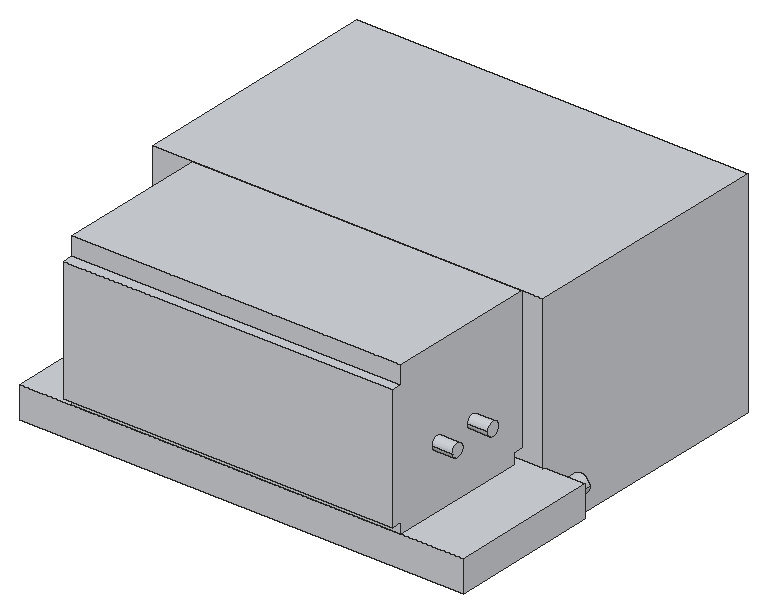
Revit family "rme_advanced_sample_family", category Mechanical Equipment, Revit 2019
Family settings
  Round Connector Dimension = Use Diameter
  Part Type = Normal
  OmniClass Number = 23.75.70.17.27
  OmniClass Title = Fan Coil Units
  Work Plane-Based = No
  Always vertical = Yes
  Cut with Voids When Loaded = No
  Shared = No
  Room Calculation Point = No
Parameters (values of type "94 LPS")
  Voltage = 120 V
  Unit Length = 539.8 mm
  Unit Height = 222.3 mm
  Total Cooling Capacity = 1758.43 W
  Supply Air Width = 400 mm
  Supply Air Height = 150 mm
  Sensible Cooling Capacity = 1348.13 W
  Return Air Width = 475 mm
  Refrigerant Flow [instance] = 0.06 L/s
  Number of Poles = 1
  Nominal Air Flow [instance] = 94.39 L/s
  Load Classification = Cooling
  External Static Pressure [instance] = 74.65 Pa
  Drain Flow [instance] = 0.0 L/s
  CFU Material = none
  C2 Offset 1 = 108 mm
  C1 Offset 1 = 108 mm
  Assembly Code = ""
  Apparent Load = 50 VA
Types (7, lengths in mm): name | Unit Length | Unit Height | Total Cooling Capacity | Supply Air Width | Supply Air Height | Sensible Cooling Capacity | Return Air Width | Refrigerant Flow | Nominal Air Flow | C2 Offset 1 | C1 Offset 1 | Apparent Load
  94 LPS | 539.8 | 222.3 | 1758.43 W | 400 | 150 | 1348.13 W | 475 | 0.06 L/s | 94.39 L/s | 108 | 108 | 50 VA
  141 LPS | 641.4 | 222.3 | 2637.64 W | 500 | 150 | 2022.19 W | 550 | 0.13 L/s | 141.58 L/s | 108 | 108 | 85 VA
  188 LPS | 793.8 | 222.3 | 3897.85 W | 650 | 150 | 3018.63 W | 700 | 0.19 L/s | 188.78 L/s | 108 | 108 | 165 VA
  282 LPS | 920.8 | 254 | 5275.28 W | 800 | 200 | 4278.84 W | 850 | 0.25 L/s | 283.17 L/s | 123.8 | 92.1 | 225 VA
  376 LPS | 1098.6 | 254 | 6623.41 W | 950 | 200 | 4952.9 W | 1000 | 0.32 L/s | 377.56 L/s | 123.8 | 92.1 | 235 VA
  470 LPS | 1454.2 | 254 | 8059.45 W | 1300 | 200 | 6154.49 W | 1400 | 0.38 L/s | 471.95 L/s | 85.7 | 123.8 | 305 VA
  564 LPS | 1657.4 | 254 | 9612.73 W | 1500 | 200 | 7326.78 W | 1600 | 0.44 L/s | 566.34 L/s | 85.7 | 123.8 | 435 VA
Reference planes
  plane 1 "Center (Front/Back)": y = 0
  plane 2: z = 0
  plane 3 "Center (Left/Right)": x = 0
  plane 4: y = -12.7
  plane 5: y = 495.3
  plane 6: x = 539.8
  plane 7: x = 463.6
  plane 8: x = 63.6
  plane 9: y = 184.15
  plane 10: z = 222.3
  plane 11: z = 38.1
  plane 12: z = 200.075
  plane 13: y = 171.45
  plane 14: z = 50.8
  plane 15: x = 14
  plane 16: x = 489
  plane 17: y = 53.975
  plane 18: y = 107.95
  plane 19: z = 114.3
  plane 20: z = 114.3
  plane 21: x = 514.4
  plane 22: z = 19.05
  plane 23: y = 209.55
  plane 24: y = 469.9
  plane 25: y = 393.7
  plane 26: z = 174.675
Forms (mm)
  Extrusion 1, solid, material <- "CFU Material"
    sketch origin (0, 0, 0) x (1, 0, 0) y (0, 1, 0)
      loop
        line (0, 184.15) -> (0, 0) -> (539.8, 0) -> (539.8, 184.15) -> (0, 184.15)
    from 0 to 38.1
  Extrusion 2, solid, material <- "CFU Material"
    sketch origin (0, 0, 0) x (0, 1, 0) y (0, 0, 1)
      loop
        line (184.15, 222.3) -> (0, 222.3) -> (0, 200.075) -> (-12.7, 200.075) -> (-12.7, 50.8) -> (0, 50.8) -> (0, 38.1) -> (171.45, 38.1) -> (171.45, 50.8) -> (184.15, 50.8) -> (184.15, 222.3)
    from 63.6 to 463.6
  Extrusion 3, solid, material <- "CFU Material"
    sketch origin (0, 0, 0) x (0, 1, 0) y (0, 0, 1)
      loop
        line (184.15, 222.3) -> (184.15, -38.05) -> (495.3, -38.05) -> (495.3, 222.3) -> (184.15, 222.3)
    from 14 to 489
  Extrusion 4, solid, material <- "CFU Material"
    sketch origin (0, 0, 0) x (1, 0, 0) y (0, 0, 1)
      loop
        circle (514.4, 19.05) r 11.113
    from -209.55 to -184.15
  Extrusion 5, solid, material <- "CFU Material"
    sketch origin (0, 0, 0) x (0, 1, 0) y (0, 0, 1)
      loop
        circle (53.975, 114.3) r 7.938
    from 463.6 to 489
  Extrusion 6, solid, material <- "CFU Material"
    sketch origin (0, 0, 0) x (0, 1, 0) y (0, 0, 1)
      loop
        circle (107.95, 114.3) r 7.938
    from 463.6 to 489
  Extrusion 7, solid, material <- "CFU Material"
    sketch origin (0, 0, 0) x (1, 0, 0) y (0, 1, 0)
      loop
        line (0, 469.9) -> (0, 393.7) -> (14, 393.7) -> (14, 469.9) -> (0, 469.9)
    from 174.675 to 200.075
Dimensions and locks
  locked: plane 4 to plane 1 "Center (Front/Back)" at 12.7
  locked: plane 4 to plane 5 at 508
  "Unit Length": plane 3 "Center (Left/Right)" to plane 6
  locked: plane 7 to plane 6 at 76.2
  "Supply Air Width": plane 8 to plane 7
  locked: plane 1 "Center (Front/Back)" to plane 9 at 184.15
  "Unit Height": plane 10 to plane 2
  locked: plane 11 to plane 2 at 38.1
  locked: plane 10 to plane 12 at 22.225
  locked: plane 13 to plane 9 at 12.7
  locked: plane 14 to plane 11 at 12.7
  locked: plane 10 to Extrusion 3 sketch curve at 260.35
  locked: plane 4 to plane 17 at 66.675
  locked: plane 4 to plane 18 at 120.65
  "C1 Offset 1": plane 10 to plane 19
  "C2 Offset 1": plane 10 to plane 20
  locked: plane 6 to plane 21 at 25.4
  equal spacing: plane 11, plane 22, level
  locked: plane 9 to plane 23 at 25.4
  locked: plane 7 to plane 16 at 25.4
  locked: plane 5 to plane 24 at 25.4
  locked: plane 24 to plane 25 at 76.2
  locked: plane 12 to plane 26 at 25.4
  "Return Air Width": plane 15 to plane 16
  radius of Extrusion 5 sketch curve = 7.938 mm
  radius of Extrusion 6 sketch curve = 7.938 mm
  aligned and locked: plane 3 "Center (Left/Right)" to Extrusion 1 sketch curve
  aligned and locked: plane 9 to Extrusion 1 sketch curve
  aligned and locked: plane 1 "Center (Front/Back)" to Extrusion 1 sketch curve
  aligned and locked: Extrusion 1 sketch curve to plane 6
  aligned and locked: Extrusion 1 to plane 2
  aligned and locked: plane 11 to Extrusion 1
  aligned and locked: plane 10 to Extrusion 2 sketch curve
  aligned and locked: plane 1 "Center (Front/Back)" to Extrusion 2 sketch curve  (x2)
  aligned and locked: plane 12 to Extrusion 2 sketch curve
  aligned and locked: plane 4 to Extrusion 2 sketch curve
  aligned and locked: Extrusion 2 sketch curve to plane 14  (x2)
  aligned and locked: Extrusion 2 sketch curve to plane 11
  aligned and locked: Extrusion 2 sketch curve to plane 13
  aligned and locked: Extrusion 2 sketch curve to plane 9
  aligned and locked: plane 7 to Extrusion 2
  aligned and locked: Extrusion 2 to plane 8
  aligned and locked: plane 16 to Extrusion 3
  aligned and locked: Extrusion 3 to plane 15
  aligned and locked: plane 22 to Extrusion 4 sketch curve
  aligned and locked: plane 21 to Extrusion 4 sketch curve
  aligned and locked: plane 9 to Extrusion 4
  aligned and locked: Extrusion 4 to plane 23
  aligned and locked: plane 17 to Extrusion 5 sketch curve
  aligned and locked: plane 19 to Extrusion 5 sketch curve
  aligned and locked: plane 20 to Extrusion 6 sketch curve
  aligned and locked: plane 18 to Extrusion 6 sketch curve
  aligned and locked: plane 16 to Extrusion 6
  aligned and locked: plane 16 to Extrusion 5
  aligned and locked: Extrusion 6 to plane 7
  aligned and locked: Extrusion 5 to plane 7
  aligned and locked: plane 3 "Center (Left/Right)" to Extrusion 7 sketch curve
  aligned and locked: Extrusion 7 sketch curve to plane 24
  aligned and locked: plane 25 to Extrusion 7 sketch curve
  aligned and locked: Extrusion 7 sketch curve to plane 15
  aligned and locked: plane 12 to Extrusion 7
  aligned and locked: Extrusion 7 to plane 26
Automatic sketch dimensions
  Extrusion 3 sketch curve to plane 9 = 0 mm
  Extrusion 3 sketch curve to plane 5 = 0 mm
  Extrusion 3 sketch curve to plane 10 = 0 mm
  radius of Extrusion 4 sketch curve = 11.113 mm
Connectors
  hvac at (263.6, -12.7, 125.437), driven by "Nominal Air Flow", driven by "Supply Air Height", driven by "Supply Air Width"
    settings: on Extrusion 2, index 1, duct flow 94.39 L/s, flow factor 0, pres drop 0.0 Pa, loss coef 0, conn angle 0.00°, conn width 400 mm, conn height 150 mm, conn diameter 609.6 mm, duct sys type 1, conn prof type 1, flow config 0, flow direction 2, loss method 0, conn ref index 2, conn util no, is conn primary yes, conn desc ""
  hvac at (251.5, 495.3, 92.125), driven by "Nominal Air Flow", driven by "Return Air Width"
    settings: on Extrusion 3, index 2, duct flow 94.39 L/s, flow factor 0, pres drop 0.0 Pa, loss coef 0, conn angle 0.00°, conn width 475 mm, conn height 260.35 mm, conn diameter 609.6 mm, duct sys type 2, conn prof type 1, flow config 0, flow direction 1, loss method 0, conn ref index 1, conn util no, is conn primary no, conn desc ""
  piping at (489, 53.975, 114.3), diameter 15.875, driven by "Refrigerant Flow"
    settings: on Extrusion 5, index 3, connector inside diameter 15.875 mm, connector length 0 mm, flow factor 0, pipe flow 0.06 L/s, pressure drop 0.0 Pa, fitting loss kfactor 0, connector angle 0.00°, fixture units 0, engagement length 0 mm, angle of deflection 0.00°, flow configuration 1, flow direction 1, fitting loss method 0, system type 22, joint type 0, gender type 0, connector reference index 4, connector utility 0, adjustable connector no, is connector primary yes, connector description "Refrigerant, In"
  piping at (489, 107.95, 114.3), diameter 15.875, driven by "Refrigerant Flow"
    settings: on Extrusion 6, index 4, connector inside diameter 15.875 mm, connector length 0 mm, flow factor 0, pipe flow 0.06 L/s, pressure drop 0.0 Pa, fitting loss kfactor 0, connector angle 0.00°, fixture units 0, engagement length 0 mm, angle of deflection 0.00°, flow configuration 1, flow direction 2, fitting loss method 0, system type 22, joint type 0, gender type 0, connector reference index 3, connector utility 0, adjustable connector no, is connector primary no, connector description "Refrigerant, Out"
  electrical at (0, 431.8, 187.375), driven by "Apparent Load", driven by "Voltage", driven by "Number of Poles", driven by "Load Classification"
    settings: on Extrusion 7, index 5, voltage 120 V, apparent load 50 VA, apparent load phase1 0 VA, apparent load phase2 0 VA, apparent load phase3 0 VA, power factor 0.8, load classification "Cooling", number of poles 1, system type 30, power factor state 1, is connector primary yes, connector utility no, sub classification motor no, connector description ""
  piping at (514.4, 209.55, 19.05), diameter 22.225, driven by "Drain Flow"
    settings: on Extrusion 4, index 6, connector inside diameter 22.225 mm, connector length 0 mm, flow factor 0, pipe flow 0.0 L/s, pressure drop 0.0 Pa, fitting loss kfactor 0, connector angle 0.00°, fixture units 0, engagement length 0 mm, angle of deflection 0.00°, flow configuration 1, flow direction 2, fitting loss method 0, system type 16, joint type 0, gender type 0, connector reference index -1, connector utility 0, adjustable connector yes, is connector primary no, connector description "Drain, Out"
